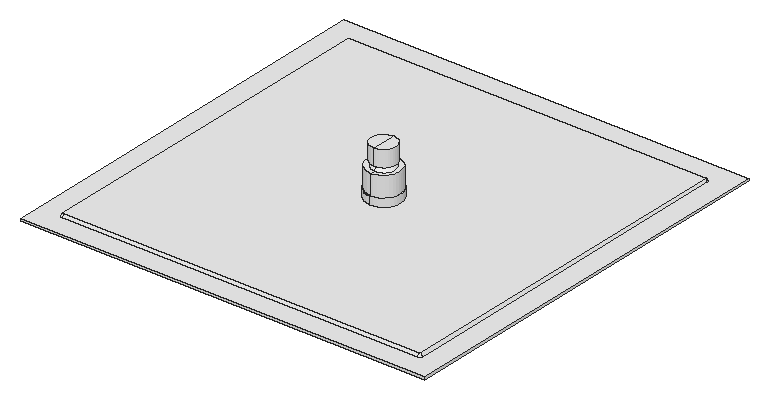
Revit family "ShowerHead-Vitra-LiteSeries-A45645", category Plumbing Fixtures, Revit 2017 (continued)
Forms (mm)
  Extrusion 292, solid, detail levels fine
    sketch origin (459.782, -299.291, -57.3) x (0, -1, 0) y (-1, 0, 0)
      loop
        circle (-159.972, 319.939) r 3.98
    from -5 to 0
  Extrusion 293, solid, detail levels coarse
    sketch origin (0, 0, 0) x (1, 0, 0) y (0, 1, 0)
      loop
        line (200, 200.783) -> (-200, 200.783) -> (-200, -199.217) -> (200, -199.217) -> (200, 200.783)
    from -60 to 0
Cuts and joins
  joined: Extrusion 1, Blend 2, Revolve 3
Dimensions and locks
  "Nominal Height (mm)": level to plane 4
  "Nominal Width (mm)": plane 8 to plane 7
  "Nominal Depth (mm)": plane 5 to plane 6
Automatic sketch dimensions
  Revolve 3 sketch curve to plane 1 "Center (Front/Back)" = 0 mm  (x2)
  Revolve 3 sketch curve to level = 0 mm
  Revolve 3 sketch curve to plane 1 "Center (Front/Back)" = 8.535 mm
  Revolve 3 sketch curve to Revolve 3 sketch curve = 0.997 mm  (x2)
  Revolve 3 sketch curve to Revolve 3 sketch curve = 2.529 mm
  Revolve 3 sketch curve to Revolve 3 sketch curve = 2.578 mm
  Revolve 3 sketch curve to Revolve 3 sketch curve = 5 mm
  Revolve 3 sketch curve to Revolve 3 sketch curve = 1.022 mm
  Revolve 3 sketch curve to level = 15.518 mm
  Revolve 3 sketch curve to Revolve 3 sketch curve = 4.993 mm
  Revolve 3 sketch curve to Revolve 3 sketch curve = 19.556 mm
  Revolve 3 sketch curve to Revolve 3 sketch curve = 0 mm
  Revolve 3 sketch curve to Revolve 3 sketch curve = 7.733 mm
  Revolve 3 sketch curve to level = 10 mm
  Revolve 3 sketch curve to Revolve 3 sketch curve = 10 mm
  Blend 2 sketch curve to Blend 2 sketch curve = 2.447 mm  (x5)
  Blend 2 sketch curve to Blend 2 sketch curve = 0.042 mm  (x2)
  Blend 2 sketch curve to Blend 2 sketch curve = 0.047 mm  (x3)
  Blend 2 sketch curve to Blend 2 sketch curve = 1 mm  (x4)
  Blend 2 sketch curve to Blend 2 sketch curve = 0.004 mm  (x4)
  Blend 2 sketch curve to Blend 2 sketch curve = 1.004 mm  (x3)
  Blend 2 sketch curve to plane 3 "Center (Left/Right)" = 175.85 mm
  Extrusion 1 sketch curve to plane 1 "Center (Front/Back)" = 200.783 mm
  Blend 2 sketch curve to plane 1 "Center (Front/Back)" = 176.587 mm
  Blend 2 sketch curve to Blend 2 sketch curve = 2.488 mm
  Blend 2 sketch curve to plane 1 "Center (Front/Back)" = 176.633 mm  (x2)
  plane 1 "Center (Front/Back)" to Extrusion 1 sketch curve = 199.217 mm
  plane 1 "Center (Front/Back)" to Blend 2 sketch curve = 175.021 mm
  plane 1 "Center (Front/Back)" to Blend 2 sketch curve = 175.067 mm
  plane 3 "Center (Left/Right)" to Extrusion 1 sketch curve = 200 mm
  plane 3 "Center (Left/Right)" to Blend 2 sketch curve = 175.804 mm
  plane 3 "Center (Left/Right)" to Blend 2 sketch curve = 175.809 mm
  plane 3 "Center (Left/Right)" to Blend 2 sketch curve = 175.85 mm
  Extrusion 1 sketch curve to plane 3 "Center (Left/Right)" = 200 mm
  Blend 2 sketch curve to plane 3 "Center (Left/Right)" = 175.804 mm
  Extrusion 293 sketch curve to plane 5 = 0 mm
  Extrusion 293 sketch curve to plane 8 = 0 mm
  Extrusion 293 sketch curve to plane 6 = 0 mm
  Extrusion 293 sketch curve to plane 7 = 0 mm
  radius of Extrusion 4 sketch curve = 3.98 mm
  radius of Extrusion 5 sketch curve = 3.98 mm
  radius of Extrusion 6 sketch curve = 3.98 mm
  radius of Extrusion 7 sketch curve = 3.98 mm
  radius of Extrusion 8 sketch curve = 3.98 mm
  radius of Extrusion 9 sketch curve = 3.98 mm
  radius of Extrusion 10 sketch curve = 3.98 mm
  radius of Extrusion 11 sketch curve = 3.98 mm
  radius of Extrusion 12 sketch curve = 3.98 mm
  radius of Extrusion 13 sketch curve = 3.98 mm
  radius of Extrusion 14 sketch curve = 3.98 mm
  radius of Extrusion 15 sketch curve = 3.98 mm
  radius of Extrusion 16 sketch curve = 3.98 mm
  radius of Extrusion 17 sketch curve = 3.98 mm
  radius of Extrusion 18 sketch curve = 3.98 mm
  radius of Extrusion 19 sketch curve = 3.98 mm
  radius of Extrusion 20 sketch curve = 3.98 mm
  radius of Extrusion 21 sketch curve = 3.98 mm
  radius of Extrusion 22 sketch curve = 3.98 mm
  radius of Extrusion 23 sketch curve = 3.98 mm
  radius of Extrusion 24 sketch curve = 3.98 mm
  radius of Extrusion 25 sketch curve = 3.98 mm
  radius of Extrusion 26 sketch curve = 3.98 mm
  radius of Extrusion 27 sketch curve = 3.98 mm
  radius of Extrusion 28 sketch curve = 3.98 mm
  radius of Extrusion 29 sketch curve = 3.98 mm
  radius of Extrusion 30 sketch curve = 3.98 mm
  radius of Extrusion 31 sketch curve = 3.98 mm
  radius of Extrusion 32 sketch curve = 3.98 mm
  radius of Extrusion 33 sketch curve = 3.98 mm
  radius of Extrusion 34 sketch curve = 3.98 mm
  radius of Extrusion 35 sketch curve = 3.98 mm
  radius of Extrusion 36 sketch curve = 3.98 mm
  radius of Extrusion 37 sketch curve = 3.98 mm
  radius of Extrusion 38 sketch curve = 3.98 mm
  radius of Extrusion 39 sketch curve = 3.98 mm
  radius of Extrusion 40 sketch curve = 3.98 mm
  radius of Extrusion 41 sketch curve = 3.98 mm
  radius of Extrusion 42 sketch curve = 3.98 mm
  radius of Extrusion 43 sketch curve = 3.98 mm
  radius of Extrusion 44 sketch curve = 3.98 mm
  radius of Extrusion 45 sketch curve = 3.98 mm
  radius of Extrusion 46 sketch curve = 3.98 mm
  radius of Extrusion 47 sketch curve = 3.98 mm
  radius of Extrusion 48 sketch curve = 3.98 mm
  radius of Extrusion 49 sketch curve = 3.98 mm
  radius of Extrusion 50 sketch curve = 3.98 mm
  radius of Extrusion 51 sketch curve = 3.98 mm
  radius of Extrusion 52 sketch curve = 3.98 mm
  radius of Extrusion 53 sketch curve = 3.98 mm
  radius of Extrusion 54 sketch curve = 3.98 mm
  radius of Extrusion 55 sketch curve = 3.98 mm
  radius of Extrusion 56 sketch curve = 3.98 mm
  radius of Extrusion 57 sketch curve = 3.98 mm
  radius of Extrusion 58 sketch curve = 3.98 mm
  radius of Extrusion 59 sketch curve = 3.98 mm
  radius of Extrusion 60 sketch curve = 3.98 mm
  radius of Extrusion 61 sketch curve = 3.98 mm
  radius of Extrusion 62 sketch curve = 3.98 mm
  radius of Extrusion 63 sketch curve = 3.98 mm
  radius of Extrusion 64 sketch curve = 3.98 mm
  radius of Extrusion 65 sketch curve = 3.98 mm
  radius of Extrusion 66 sketch curve = 3.98 mm
  radius of Extrusion 67 sketch curve = 3.98 mm
  radius of Extrusion 68 sketch curve = 3.98 mm
  radius of Extrusion 69 sketch curve = 3.98 mm
  radius of Extrusion 70 sketch curve = 3.98 mm
  radius of Extrusion 71 sketch curve = 3.98 mm
  radius of Extrusion 72 sketch curve = 3.98 mm
  radius of Extrusion 73 sketch curve = 3.98 mm
  radius of Extrusion 74 sketch curve = 3.98 mm
  radius of Extrusion 75 sketch curve = 3.98 mm
  radius of Extrusion 76 sketch curve = 3.98 mm
  radius of Extrusion 77 sketch curve = 3.98 mm
  radius of Extrusion 78 sketch curve = 3.98 mm
  radius of Extrusion 79 sketch curve = 3.98 mm
  radius of Extrusion 80 sketch curve = 3.98 mm
  radius of Extrusion 81 sketch curve = 3.98 mm
  radius of Extrusion 82 sketch curve = 3.98 mm
  radius of Extrusion 83 sketch curve = 3.98 mm
  radius of Extrusion 84 sketch curve = 3.98 mm
  radius of Extrusion 85 sketch curve = 3.98 mm
  radius of Extrusion 86 sketch curve = 3.98 mm
  radius of Extrusion 87 sketch curve = 3.98 mm
  radius of Extrusion 88 sketch curve = 3.98 mm
  radius of Extrusion 89 sketch curve = 3.98 mm
  radius of Extrusion 90 sketch curve = 3.98 mm
  radius of Extrusion 91 sketch curve = 3.98 mm
  radius of Extrusion 92 sketch curve = 3.98 mm
  radius of Extrusion 93 sketch curve = 3.98 mm
  radius of Extrusion 94 sketch curve = 3.98 mm
  radius of Extrusion 95 sketch curve = 3.98 mm
  radius of Extrusion 96 sketch curve = 3.98 mm
  radius of Extrusion 97 sketch curve = 3.98 mm
  radius of Extrusion 98 sketch curve = 3.98 mm
  radius of Extrusion 99 sketch curve = 3.98 mm
  radius of Extrusion 100 sketch curve = 3.98 mm
  radius of Extrusion 101 sketch curve = 3.98 mm
  radius of Extrusion 102 sketch curve = 3.98 mm
  radius of Extrusion 103 sketch curve = 3.98 mm
  radius of Extrusion 104 sketch curve = 3.98 mm
  radius of Extrusion 105 sketch curve = 3.98 mm
  radius of Extrusion 106 sketch curve = 3.98 mm
  radius of Extrusion 107 sketch curve = 3.98 mm
  radius of Extrusion 108 sketch curve = 3.98 mm
  radius of Extrusion 109 sketch curve = 3.98 mm
  radius of Extrusion 110 sketch curve = 3.98 mm
  radius of Extrusion 111 sketch curve = 3.98 mm
  radius of Extrusion 112 sketch curve = 3.98 mm
  radius of Extrusion 113 sketch curve = 3.98 mm
  radius of Extrusion 114 sketch curve = 3.98 mm
  radius of Extrusion 115 sketch curve = 3.98 mm
  radius of Extrusion 116 sketch curve = 3.98 mm
  radius of Extrusion 117 sketch curve = 3.98 mm
  radius of Extrusion 118 sketch curve = 3.98 mm
  radius of Extrusion 119 sketch curve = 3.98 mm
  radius of Extrusion 120 sketch curve = 3.98 mm
  radius of Extrusion 121 sketch curve = 3.98 mm
  radius of Extrusion 122 sketch curve = 3.98 mm
  radius of Extrusion 123 sketch curve = 3.98 mm
  radius of Extrusion 124 sketch curve = 3.98 mm
  radius of Extrusion 125 sketch curve = 3.98 mm
  radius of Extrusion 126 sketch curve = 3.98 mm
  radius of Extrusion 127 sketch curve = 3.98 mm
  radius of Extrusion 128 sketch curve = 3.98 mm
  radius of Extrusion 129 sketch curve = 3.98 mm
  radius of Extrusion 130 sketch curve = 3.98 mm
  radius of Extrusion 131 sketch curve = 3.98 mm
  radius of Extrusion 132 sketch curve = 3.98 mm
  radius of Extrusion 133 sketch curve = 3.98 mm
  radius of Extrusion 134 sketch curve = 3.98 mm
  radius of Extrusion 135 sketch curve = 3.98 mm
  radius of Extrusion 136 sketch curve = 3.98 mm
  radius of Extrusion 137 sketch curve = 3.98 mm
  radius of Extrusion 138 sketch curve = 3.98 mm
  radius of Extrusion 139 sketch curve = 3.98 mm
  radius of Extrusion 140 sketch curve = 3.98 mm
  radius of Extrusion 141 sketch curve = 3.98 mm
  radius of Extrusion 142 sketch curve = 3.98 mm
  radius of Extrusion 143 sketch curve = 3.98 mm
  radius of Extrusion 144 sketch curve = 3.98 mm
  radius of Extrusion 145 sketch curve = 3.98 mm
  radius of Extrusion 146 sketch curve = 3.98 mm
  radius of Extrusion 147 sketch curve = 3.98 mm
  radius of Extrusion 148 sketch curve = 3.98 mm
  radius of Extrusion 149 sketch curve = 3.98 mm
  radius of Extrusion 150 sketch curve = 3.98 mm
  radius of Extrusion 151 sketch curve = 3.98 mm
  radius of Extrusion 152 sketch curve = 3.98 mm
  radius of Extrusion 153 sketch curve = 3.98 mm
  radius of Extrusion 154 sketch curve = 3.98 mm
  radius of Extrusion 155 sketch curve = 3.98 mm
  radius of Extrusion 156 sketch curve = 3.98 mm
  radius of Extrusion 157 sketch curve = 3.98 mm
  radius of Extrusion 158 sketch curve = 3.98 mm
  radius of Extrusion 159 sketch curve = 3.98 mm
  radius of Extrusion 160 sketch curve = 3.98 mm
  radius of Extrusion 161 sketch curve = 3.98 mm
  radius of Extrusion 162 sketch curve = 3.98 mm
  radius of Extrusion 163 sketch curve = 3.98 mm
  radius of Extrusion 164 sketch curve = 3.98 mm
  radius of Extrusion 165 sketch curve = 3.98 mm
  radius of Extrusion 166 sketch curve = 3.98 mm
  radius of Extrusion 167 sketch curve = 3.98 mm
  radius of Extrusion 168 sketch curve = 3.98 mm
  radius of Extrusion 169 sketch curve = 3.98 mm
  radius of Extrusion 170 sketch curve = 3.98 mm
  radius of Extrusion 171 sketch curve = 3.98 mm
  radius of Extrusion 172 sketch curve = 3.98 mm
  radius of Extrusion 173 sketch curve = 3.98 mm
  radius of Extrusion 174 sketch curve = 3.98 mm
  radius of Extrusion 175 sketch curve = 3.98 mm
  radius of Extrusion 176 sketch curve = 3.98 mm
  radius of Extrusion 177 sketch curve = 3.98 mm
  radius of Extrusion 178 sketch curve = 3.98 mm
  radius of Extrusion 179 sketch curve = 3.98 mm
  radius of Extrusion 180 sketch curve = 3.98 mm
  radius of Extrusion 181 sketch curve = 3.98 mm
  radius of Extrusion 182 sketch curve = 3.98 mm
  radius of Extrusion 183 sketch curve = 3.98 mm
  radius of Extrusion 184 sketch curve = 3.98 mm
  radius of Extrusion 185 sketch curve = 3.98 mm
  radius of Extrusion 186 sketch curve = 3.98 mm
  radius of Extrusion 187 sketch curve = 3.98 mm
  radius of Extrusion 188 sketch curve = 3.98 mm
  radius of Extrusion 189 sketch curve = 3.98 mm
  radius of Extrusion 190 sketch curve = 3.98 mm
  radius of Extrusion 191 sketch curve = 3.98 mm
  radius of Extrusion 192 sketch curve = 3.98 mm
  radius of Extrusion 193 sketch curve = 3.98 mm
  radius of Extrusion 194 sketch curve = 3.98 mm
  radius of Extrusion 195 sketch curve = 3.98 mm
  radius of Extrusion 196 sketch curve = 3.98 mm
  radius of Extrusion 197 sketch curve = 3.98 mm
  radius of Extrusion 198 sketch curve = 3.98 mm
  radius of Extrusion 199 sketch curve = 3.98 mm
  radius of Extrusion 200 sketch curve = 3.98 mm
  radius of Extrusion 201 sketch curve = 3.98 mm
  radius of Extrusion 202 sketch curve = 3.98 mm
  radius of Extrusion 203 sketch curve = 3.98 mm
  radius of Extrusion 204 sketch curve = 3.98 mm
  radius of Extrusion 205 sketch curve = 3.98 mm
  radius of Extrusion 206 sketch curve = 3.98 mm
  radius of Extrusion 207 sketch curve = 3.98 mm
  radius of Extrusion 208 sketch curve = 3.98 mm
  radius of Extrusion 209 sketch curve = 3.98 mm
  radius of Extrusion 210 sketch curve = 3.98 mm
  radius of Extrusion 211 sketch curve = 3.98 mm
  radius of Extrusion 212 sketch curve = 3.98 mm
  radius of Extrusion 213 sketch curve = 3.98 mm
  radius of Extrusion 214 sketch curve = 3.98 mm
  radius of Extrusion 215 sketch curve = 3.98 mm
  radius of Extrusion 216 sketch curve = 3.98 mm
  radius of Extrusion 217 sketch curve = 3.98 mm
  radius of Extrusion 218 sketch curve = 3.98 mm
  radius of Extrusion 219 sketch curve = 3.98 mm
  radius of Extrusion 220 sketch curve = 3.98 mm
  radius of Extrusion 221 sketch curve = 3.98 mm
  radius of Extrusion 222 sketch curve = 3.98 mm
  radius of Extrusion 223 sketch curve = 3.98 mm
  radius of Extrusion 224 sketch curve = 3.98 mm
  radius of Extrusion 225 sketch curve = 3.98 mm
  radius of Extrusion 226 sketch curve = 3.98 mm
  radius of Extrusion 227 sketch curve = 3.98 mm
  radius of Extrusion 228 sketch curve = 3.98 mm
  radius of Extrusion 229 sketch curve = 3.98 mm
  radius of Extrusion 230 sketch curve = 3.98 mm
  radius of Extrusion 231 sketch curve = 3.98 mm
  radius of Extrusion 232 sketch curve = 3.98 mm
  radius of Extrusion 233 sketch curve = 3.98 mm
  radius of Extrusion 234 sketch curve = 3.98 mm
  radius of Extrusion 235 sketch curve = 3.98 mm
  radius of Extrusion 236 sketch curve = 3.98 mm
  radius of Extrusion 237 sketch curve = 3.98 mm
  radius of Extrusion 238 sketch curve = 3.98 mm
  radius of Extrusion 239 sketch curve = 3.98 mm
  radius of Extrusion 240 sketch curve = 3.98 mm
  radius of Extrusion 241 sketch curve = 3.98 mm
  radius of Extrusion 242 sketch curve = 3.98 mm
  radius of Extrusion 243 sketch curve = 3.98 mm
  radius of Extrusion 244 sketch curve = 3.98 mm
  radius of Extrusion 245 sketch curve = 3.98 mm
  radius of Extrusion 246 sketch curve = 3.98 mm
  radius of Extrusion 247 sketch curve = 3.98 mm
  radius of Extrusion 248 sketch curve = 3.98 mm
  radius of Extrusion 249 sketch curve = 3.98 mm
  radius of Extrusion 250 sketch curve = 3.98 mm
  radius of Extrusion 251 sketch curve = 3.98 mm
  radius of Extrusion 252 sketch curve = 3.98 mm
  radius of Extrusion 253 sketch curve = 3.98 mm
  radius of Extrusion 254 sketch curve = 3.98 mm
  radius of Extrusion 255 sketch curve = 3.98 mm
  radius of Extrusion 256 sketch curve = 3.98 mm
  radius of Extrusion 257 sketch curve = 3.98 mm
  radius of Extrusion 258 sketch curve = 3.98 mm
  radius of Extrusion 259 sketch curve = 3.98 mm
  radius of Extrusion 260 sketch curve = 3.98 mm
  radius of Extrusion 261 sketch curve = 3.98 mm
  radius of Extrusion 262 sketch curve = 3.98 mm
  radius of Extrusion 263 sketch curve = 3.98 mm
  radius of Extrusion 264 sketch curve = 3.98 mm
  radius of Extrusion 265 sketch curve = 3.98 mm
  radius of Extrusion 266 sketch curve = 3.98 mm
  radius of Extrusion 267 sketch curve = 3.98 mm
  radius of Extrusion 268 sketch curve = 3.98 mm
  radius of Extrusion 269 sketch curve = 3.98 mm
  radius of Extrusion 270 sketch curve = 3.98 mm
  radius of Extrusion 271 sketch curve = 3.98 mm
  radius of Extrusion 272 sketch curve = 3.98 mm
  radius of Extrusion 273 sketch curve = 3.98 mm
  radius of Extrusion 274 sketch curve = 3.98 mm
  radius of Extrusion 275 sketch curve = 3.98 mm
  radius of Extrusion 276 sketch curve = 3.98 mm
  radius of Extrusion 277 sketch curve = 3.98 mm
  radius of Extrusion 278 sketch curve = 3.98 mm
  radius of Extrusion 279 sketch curve = 3.98 mm
  radius of Extrusion 280 sketch curve = 3.98 mm
  radius of Extrusion 281 sketch curve = 3.98 mm
  radius of Extrusion 282 sketch curve = 3.98 mm
  radius of Extrusion 283 sketch curve = 3.98 mm
  radius of Extrusion 284 sketch curve = 3.98 mm
  radius of Extrusion 285 sketch curve = 3.98 mm
  radius of Extrusion 286 sketch curve = 3.98 mm
  radius of Extrusion 287 sketch curve = 3.98 mm
  radius of Extrusion 288 sketch curve = 3.98 mm
  radius of Extrusion 289 sketch curve = 3.98 mm
  radius of Extrusion 290 sketch curve = 3.98 mm
  radius of Extrusion 291 sketch curve = 3.98 mm
  radius of Extrusion 292 sketch curve = 3.98 mm
Connectors
  piping at (0, 0, 0), diameter 15
    settings: on cut or joined group of Extrusion 1, Blend 2, Revolve 3, index 1, connector inside diameter 609.6 mm, connector length 0 mm, flow factor 0, pipe flow 0.0 L/s, pressure drop 0.0 Pa, fitting loss kfactor 0, connector angle 0.00°, fixture units 0, engagement length 0 mm, angle of deflection 0.00°, flow configuration 0, flow direction 1, fitting loss method 0, system type 22, joint type 0, gender type 0, connector reference index -1, connector utility 0, adjustable connector no, is connector primary yes, connector description ""
Types (2, lengths in mm): name | Product SKU | Model | Brand | Article No. (default)
  ShowerHead-Vitra-LiteSeries-A45645 | "A45645" | "A45645" | "Artema" | "A45645"
  ShowerHead-Vitra-LiteSeries-A45645EXP | "A45645EXP" | "A45645EXP" | "VitrA" | "A45645EXP"
